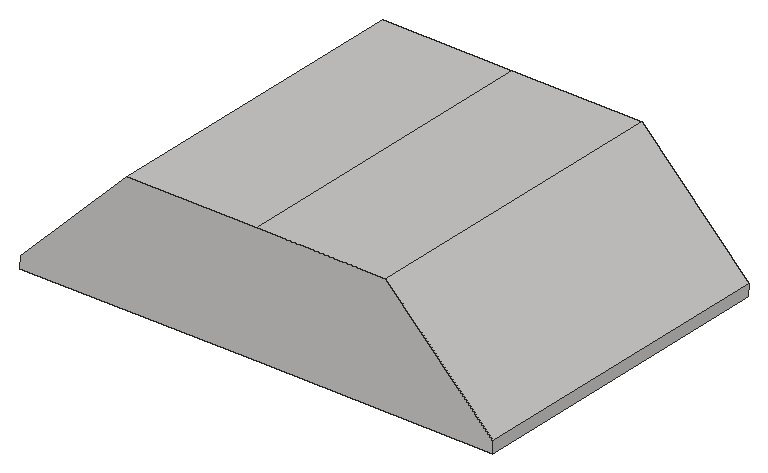
Revit family "Lighting-Control-Acclaim-Al Driver 800", category Lighting Fixtures, host Face, Revit 2015
Parameters (values of type "A")
  Width = 10.69922"
  Voltage = 0 V
  URL = "http://www.acclaimlighting.com/"
  Power Factor = 1
  Number of Poles = 1
  Model = "AL Driver"
  Manufacturer = "Acclaim Lighting"
  Length = 15.80078"
  Lamp = "LED"
  Housing Finish = Aluminum
  Height = 4.00"
  Description = "Driver"
  Default Elevation = 48.00"
  Apparent Load = 0 VA
Reference planes (in)
  plane 1 "Center (Front/Back)": y = 0
  plane 2: z = 0
  plane 3 "Center (Left/Right)": x = 0
  plane 4: x = -7.90039
  plane 5: x = 7.90039
  plane 6: x = -2.86874
  plane 7: x = -2.08749
  plane 8: x = 2.06876
  plane 9: x = 2.85001
  plane 10: z = 3.14
  plane 11: y = 5.34961
  plane 12: y = -5.34961
  plane 13: z = 4
Forms (in)
  Extrusion 1, solid, material "Housing"
    sketch origin (0, -0.15587, 1.90625) x (-1, 0, 0) y (0, 0, 1)
      loop
        line (7.89844, -1.90625) -> (7.89844, -1.52862) -> (4.3351, 2.09375) -> (0, 2.09375) -> (-4.3351, 2.09375) -> (-7.89844, -1.52862) -> (-7.89844, -1.90625) -> (0, -1.90625) -> (7.89844, -1.90625)
    from -5.19374 to 5.50548
Dimensions and locks (in)
  equal spacing: plane 5, plane 3 "Center (Left/Right)", plane 4
  "Length": plane 5 to plane 4
  equal spacing: plane 11, plane 1 "Center (Front/Back)", plane 12
  "Width": plane 11 to plane 12
  "Height": host face to plane 13
  level to Extrusion 1 = 4.00"
  aligned and locked: plane 2 to host face
  aligned and locked: level to host face
  aligned and locked: plane 12 to Extrusion 1
Automatic sketch dimensions
  host sketch curve to host sketch curve = 96.00"  (x2)
  Extrusion 1 sketch curve to level = 0.00"
  Extrusion 1 sketch curve to plane 13 = 0.00"
  Extrusion 1 sketch curve to plane 3 "Center (Left/Right)" = 0.00"  (x2)
  plane 9 to Extrusion 1 sketch curve = 1.4851"
  Extrusion 1 sketch curve to plane 5 = 0.00195"
  Extrusion 1 sketch curve to plane 6 = 1.46636"
  plane 4 to Extrusion 1 sketch curve = 0.00195"
  level to Extrusion 1 sketch curve = 0.37763"  (x2)
Connectors (in)
  electrical at (0, -5.34961, 1.59441), driven by "Number of Poles", driven by "Voltage", driven by "Apparent Load", driven by "Power Factor"
    settings: on Extrusion 1, index 1, voltage 0 V, apparent load 0 VA, apparent load phase1 0 VA, apparent load phase2 0 VA, apparent load phase3 0 VA, power factor 1, load classification "Other", number of poles 1, system type 31, power factor state 1, is connector primary yes, connector utility no, sub classification motor no, connector description "Power"
